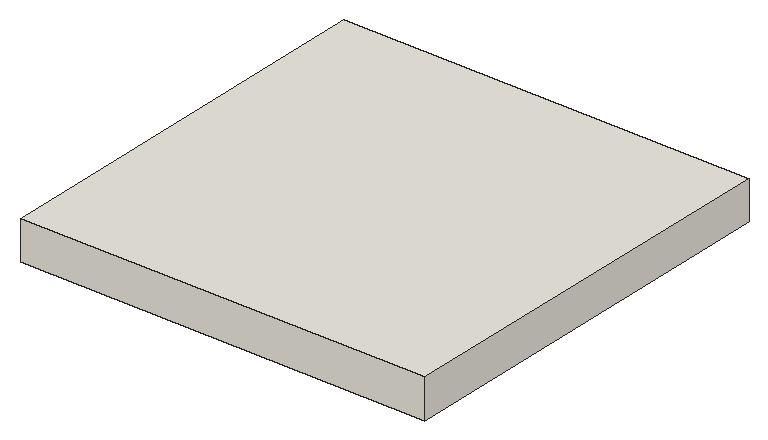
Revit family "UNIVERSAL", category Осветительные приборы, Revit 2019 (continued)
Types (12, lengths in mm): name | Файл фотометрической сетки | built-in parameter 1150105 | Lumens | built-in parameter 1150106 | built-in parameter 1150142 | Wattage | Emit from Rectangle Width | Emit from Rectangle Length | Длина | Ширина | ADSK_Ток | ADSK_Полная мощность | ADSK_Обозначение | ADSK_Номинальная мощность | ADSK_Наименование | ADSK_Код изделия
  CSVT Universal - 38/opal-sand 295х1195х55 (IP20, 4000К) с БАП на 3 часа | "Светильник UNIVERSAL-38 OPAL-SAND-(295x1195).IES" | 262.61 (stored number, unit not read) | 3300 lm | 2.6261 (stored number, unit not read) | "IESNA:LM-63-95\r\n[TEST] Протокол № 50-12 \r\n[DATA] 20.06.2016\r\n[MORE] \r\n[MANUFAC] ЗАО \"Центрстройсвет\"\r\n[LUMCAT]  Светильник ALUMOGIPS-38/OPAL-SAND-(610x610)\r\n[LUMINAIRE]\r\n[LAMPCAT] Светодиоды\r\n[LAMP] Поток источника света (светодиодов) не известен\r\n[MORE] КСС приведена в абсолютных величинах кд\r\n[MORE] Вместо потока лампы, указан поток светильника.\r\nTILT=NONE\r\n1    3750 1.0 37 73 1 2 0.61 0.61 0.04\r\n1.0 1.0 38.7\r\n0.0 5.0 10.0 15.0 20.0 25.0 30.0 35.0 40.0 45.0 50.0 55.0 60.0 65.0 70.0 75.0 80.0 85.0 90.0 95.0 100.0 105.0 110.0 115.0 120.0 125.0 130.0 135.0 140.0 145.0 150.0 155.0 160.0 165.0 170.0 175.0 180.0\r\n0.0 5.0 10.0 15.0 20.0 25.0 30.0 35.0 40.0 45.0 50.0 55.0 60.0 65.0 70.0 75.0 80.0 85.0 90.0 95.0 100.0 105.0 110.0 115.0 120.0 125.0 130.0 135.0 140.0 145.0 150.0 155.0 160.0 165.0 170.0 175.0 180.0 185.0 190.0 195.0 200.0 205.0 210.0 215.0 220.0 225.0 230.0 235.0 240.0 245.0 250.0 255.0 260.0 265.0 270.0 275.0 280.0 285.0 290.0 295.0 300.0 305.0 310.0 315.0 320.0 325.0 330.0 335.0 340.0 345.0 350.0 355.0 360.0\r\n1391.4 1390.6 1365.7 1330.6 1277.5 1214.9 1147.5 1059.6 967.6 873.2 772.4 664.9 556.3 449.1 342.7 240.6 147.1 64.2 4.7 0.0 0.0 0.0 0.0 0.0 0.0 0.0 0.0 0.0 0.0 0.0 0.0 0.0 0.0 0.0 0.0 0.0 0.0\r\n1391.4 1390.5 1367.8 1332.7 1284.3 1221.3 1147.0 1062.1 969.2 872.4 773.2 666.3 557.1 450.1 343.8 241.9 146.9 64.7 5.2 0.0 0.0 0.0 0.0 0.0 0.0 0.0 0.0 0.0 0.0 0.0 0.0 0.0 0.0 0.0 0.0 0.0 0.0\r\n1391.4 1390.2 1372.0 1333.3 1277.3 1216.8 1144.5 1057.4 969.6 875.1 773.8 669.5 560.0 454.6 345.8 242.4 148.5 65.8 5.4 0.0 0.0 0.0 0.0 0.0 0.0 0.0 0.0 0.0 0.0 0.0 0.0 0.0 0.0 0.0 0.0 0.0 0.0\r\n1391.4 1389.8 1371.2 1330.7 1279.5 1220.5 1148.3 1059.9 967.7 873.2 767.5 666.8 561.4 453.0 347.1 243.7 149.9 65.6 5.8 0.0 0.0 0.0 0.0 0.0 0.0 0.0 0.0 0.0 0.0 0.0 0.0 0.0 0.0 0.0 0.0 0.0 0.0\r\n1391.4 1389.8 1368.3 1329.3 1285.0 1214.6 1141.1 1058.7 971.8 871.3 775.2 666.9 559.4 452.6 345.8 242.5 150.0 65.8 6.1 0.0 0.0 0.0 0.0 0.0 0.0 0.0 0.0 0.0 0.0 0.0 0.0 0.0 0.0 0.0 0.0 0.0 0.0\r\n1391.4 1390.5 1367.3 1332.3 1281.7 1219.0 1142.8 1064.6 970.5 874.4 772.1 667.5 560.2 453.0 346.2 241.8 149.4 65.7 5.6 0.0 0.0 0.0 0.0 0.0 0.0 0.0 0.0 0.0 0.0 0.0 0.0 0.0 0.0 0.0 0.0 0.0 0.0\r\n1391.4 1391.4 1368.1 1333.5 1277.3 1215.7 1139.0 1059.6 968.1 872.4 771.6 667.4 558.8 453.3 344.3 243.9 148.4 65.7 5.4 0.0 0.0 0.0 0.0 0.0 0.0 0.0 0.0 0.0 0.0 0.0 0.0 0.0 0.0 0.0 0.0 0.0 0.0\r\n1391.4 1391.7 1368.1 1330.4 1278.2 1213.9 1142.4 1061.6 967.4 875.1 772.0 669.3 561.1 452.5 345.2 242.1 148.3 65.4 5.5 0.0 0.0 0.0 0.0 0.0 0.0 0.0 0.0 0.0 0.0 0.0 0.0 0.0 0.0 0.0 0.0 0.0 0.0\r\n1391.4 1391.5 1371.0 1328.4 1278.5 1216.7 1142.1 1061.2 971.8 874.7 772.1 668.9 560.8 452.9 345.4 243.3 147.7 66.0 5.4 0.0 0.0 0.0 0.0 0.0 0.0 0.0 0.0 0.0 0.0 0.0 0.0 0.0 0.0 0.0 0.0 0.0 0.0\r\n1391.4 1391.5 1373.2 1330.5 1277.3 1215.5 1143.2 1063.6 967.0 872.7 772.2 669.4 558.9 453.2 346.6 241.9 148.1 65.2 5.5 0.0 0.0 0.0 0.0 0.0 0.0 0.0 0.0 0.0 0.0 0.0 0.0 0.0 0.0 0.0 0.0 0.0 0.0\r\n1391.4 1391.4 1369.7 1328.3 1281.3 1216.0 1139.8 1057.9 968.7 875.3 773.9 667.6 561.8 454.0 344.0 243.1 147.2 65.6 5.5 0.0 0.0 0.0 0.0 0.0 0.0 0.0 0.0 0.0 0.0 0.0 0.0 0.0 0.0 0.0 0.0 0.0 0.0\r\n1391.4 1390.5 1367.9 1330.1 1278.1 1218.1 1138.9 1061.0 970.0 871.8 770.4 669.3 560.2 453.4 346.9 242.1 148.3 65.2 5.2 0.0 0.0 0.0 0.0 0.0 0.0 0.0 0.0 0.0 0.0 0.0 0.0 0.0 0.0 0.0 0.0 0.0 0.0\r\n1391.4 1389.3 1368.2 1329.1 1280.8 1214.4 1142.5 1059.2 967.2 874.3 772.4 668.0 563.1 452.3 345.7 242.8 146.8 64.9 5.1 0.0 0.0 0.0 0.0 0.0 0.0 0.0 0.0 0.0 0.0 0.0 0.0 0.0 0.0 0.0 0.0 0.0 0.0\r\n1391.4 1388.6 1367.4 1327.8 1278.0 1215.7 1141.0 1061.0 971.5 877.3 771.2 667.3 561.5 453.0 346.4 242.4 146.3 64.8 5.2 0.0 0.0 0.0 0.0 0.0 0.0 0.0 0.0 0.0 0.0 0.0 0.0 0.0 0.0 0.0 0.0 0.0 0.0\r\n1391.4 1388.0 1367.6 1326.7 1278.3 1218.0 1140.9 1061.5 968.4 873.4 770.1 666.6 562.1 454.6 344.8 241.8 146.4 64.0 5.5 0.0 0.0 0.0 0.0 0.0 0.0 0.0 0.0 0.0 0.0 0.0 0.0 0.0 0.0 0.0 0.0 0.0 0.0\r\n1391.4 1387.2 1366.1 1331.0 1281.4 1216.3 1142.7 1059.1 969.4 871.5 772.2 667.3 560.5 453.0 344.4 242.2 146.4 63.8 5.6 0.0 0.0 0.0 0.0 0.0 0.0 0.0 0.0 0.0 0.0 0.0 0.0 0.0 0.0 0.0 0.0 0.0 0.0\r\n1391.4 1387.1 1366.3 1328.7 1276.9 1214.5 1141.2 1059.3 968.4 874.3 775.5 668.3 562.5 454.9 346.4 241.3 146.2 63.5 5.7 0.0 0.0 0.0 0.0 0.0 0.0 0.0 0.0 0.0 0.0 0.0 0.0 0.0 0.0 0.0 0.0 0.0 0.0\r\n1391.4 1388.4 1366.0 1329.7 1279.2 1217.9 1140.0 1060.5 969.0 873.9 772.0 671.3 560.4 453.2 343.7 241.7 145.8 63.7 5.4 0.0 0.0 0.0 0.0 0.0 0.0 0.0 0.0 0.0 0.0 0.0 0.0 0.0 0.0 0.0 0.0 0.0 0.0\r\n1391.4 1389.6 1367.7 1329.3 1277.2 1211.1 1140.1 1061.0 971.0 871.2 769.2 669.1 561.5 453.1 343.3 241.9 145.8 63.4 5.2 0.0 0.0 0.0 0.0 0.0 0.0 0.0 0.0 0.0 0.0 0.0 0.0 0.0 0.0 0.0 0.0 0.0 0.0\r\n1391.4 1388.8 1366.9 1327.1 1279.4 1214.2 1142.5 1056.4 970.7 870.3 771.0 665.1 560.4 453.3 343.8 241.1 145.7 63.4 5.2 0.0 0.0 0.0 0.0 0.0 0.0 0.0 0.0 0.0 0.0 0.0 0.0 0.0 0.0 0.0 0.0 0.0 0.0\r\n1391.4 1387.2 1365.8 1328.9 1276.6 1210.2 1141.4 1059.3 966.6 871.4 770.5 667.4 559.2 451.4 344.2 241.0 145.6 63.2 5.1 0.0 0.0 0.0 0.0 0.0 0.0 0.0 0.0 0.0 0.0 0.0 0.0 0.0 0.0 0.0 0.0 0.0 0.0\r\n1391.4 1386.8 1364.4 1329.8 1279.4 1213.7 1144.0 1059.0 965.3 873.7 768.8 668.9 559.4 449.5 342.6 241.5 144.6 63.4 5.0 0.0 0.0 0.0 0.0 0.0 0.0 0.0 0.0 0.0 0.0 0.0 0.0 0.0 0.0 0.0 0.0 0.0 0.0\r\n1391.4 1388.1 1365.8 1328.1 1273.8 1213.4 1137.9 1059.2 967.3 869.2 769.3 667.7 558.4 451.4 344.0 240.6 145.7 63.4 4.9 0.0 0.0 0.0 0.0 0.0 0.0 0.0 0.0 0.0 0.0 0.0 0.0 0.0 0.0 0.0 0.0 0.0 0.0\r\n1391.4 1389.2 1364.4 1323.2 1276.3 1213.8 1137.6 1055.3 963.1 871.0 767.7 664.1 559.7 447.1 342.4 240.1 145.2 63.9 5.1 0.0 0.0 0.0 0.0 0.0 0.0 0.0 0.0 0.0 0.0 0.0 0.0 0.0 0.0 0.0 0.0 0.0 0.0\r\n1391.4 1388.4 1362.3 1326.8 1274.4 1212.2 1137.9 1054.7 966.7 867.9 768.7 663.4 557.3 449.2 343.3 240.0 145.7 63.6 5.0 0.0 0.0 0.0 0.0 0.0 0.0 0.0 0.0 0.0 0.0 0.0 0.0 0.0 0.0 0.0 0.0 0.0 0.0\r\n1391.4 1386.2 1361.8 1326.5 1273.3 1211.2 1134.5 1048.6 964.3 866.3 767.8 662.9 556.7 449.5 341.9 239.8 145.7 63.7 5.0 0.0 0.0 0.0 0.0 0.0 0.0 0.0 0.0 0.0 0.0 0.0 0.0 0.0 0.0 0.0 0.0 0.0 0.0\r\n1391.4 1384.4 1363.5 1324.4 1272.0 1209.5 1137.2 1053.0 960.2 867.5 767.9 662.7 556.7 449.2 342.5 239.1 146.2 63.8 4.8 0.0 0.0 0.0 0.0 0.0 0.0 0.0 0.0 0.0 0.0 0.0 0.0 0.0 0.0 0.0 0.0 0.0 0.0\r\n1391.4 1383.7 1362.4 1324.4 1274.0 1209.5 1134.4 1050.1 965.4 864.9 764.6 662.3 556.6 447.9 340.5 240.3 145.5 64.6 4.6 0.0 0.0 0.0 0.0 0.0 0.0 0.0 0.0 0.0 0.0 0.0 0.0 0.0 0.0 0.0 0.0 0.0 0.0\r\n1391.4 1384.4 1361.9 1326.9 1270.2 1207.3 1132.7 1050.1 959.7 867.7 763.1 662.2 555.0 447.3 343.0 238.3 145.8 63.9 4.7 0.0 0.0 0.0 0.0 0.0 0.0 0.0 0.0 0.0 0.0 0.0 0.0 0.0 0.0 0.0 0.0 0.0 0.0\r\n1391.4 1385.1 1363.0 1320.0 1270.4 1207.9 1134.4 1055.0 963.5 867.3 766.7 660.7 555.9 450.1 342.6 240.2 145.9 64.3 4.9 0.0 0.0 0.0 0.0 0.0 0.0 0.0 0.0 0.0 0.0 0.0 0.0 0.0 0.0 0.0 0.0 0.0 0.0\r\n1391.4 1384.9 1362.3 1321.4 1273.1 1208.0 1135.4 1052.3 961.9 865.0 764.0 660.8 553.5 447.6 341.2 240.3 146.1 63.8 4.8 0.0 0.0 0.0 0.0 0.0 0.0 0.0 0.0 0.0 0.0 0.0 0.0 0.0 0.0 0.0 0.0 0.0 0.0\r\n1391.4 1383.8 1361.2 1322.1 1265.1 1211.5 1132.8 1049.3 961.3 863.4 764.0 661.0 550.7 447.9 341.0 240.1 146.2 63.8 4.6 0.0 0.0 0.0 0.0 0.0 0.0 0.0 0.0 0.0 0.0 0.0 0.0 0.0 0.0 0.0 0.0 0.0 0.0\r\n1391.4 1382.8 1359.3 1321.5 1269.3 1206.8 1132.8 1051.1 958.3 863.2 763.1 662.7 553.4 448.0 340.4 240.0 145.8 63.8 4.0 0.0 0.0 0.0 0.0 0.0 0.0 0.0 0.0 0.0 0.0 0.0 0.0 0.0 0.0 0.0 0.0 0.0 0.0\r\n1391.4 1382.6 1359.0 1319.6 1268.1 1204.3 1129.8 1049.0 957.7 861.8 761.7 658.4 554.2 446.1 340.4 239.0 145.6 63.8 3.8 0.0 0.0 0.0 0.0 0.0 0.0 0.0 0.0 0.0 0.0 0.0 0.0 0.0 0.0 0.0 0.0 0.0 0.0\r\n1391.4 1382.8 1358.5 1315.8 1266.5 1202.1 1128.5 1049.2 957.6 860.0 762.1 658.2 549.9 443.8 339.6 238.4 145.7 63.6 3.7 0.0 0.0 0.0 0.0 0.0 0.0 0.0 0.0 0.0 0.0 0.0 0.0 0.0 0.0 0.0 0.0 0.0 0.0\r\n1391.4 1382.2 1360.5 1319.2 1265.9 1204.5 1129.9 1046.9 955.0 862.9 758.9 657.9 552.5 444.9 338.9 238.8 145.3 63.6 3.3 0.0 0.0 0.0 0.0 0.0 0.0 0.0 0.0 0.0 0.0 0.0 0.0 0.0 0.0 0.0 0.0 0.0 0.0\r\n1391.4 1381.1 1361.2 1321.0 1268.1 1203.8 1128.8 1047.4 955.6 863.7 761.1 656.4 551.5 445.2 339.2 238.5 144.7 62.5 3.5 0.0 0.0 0.0 0.0 0.0 0.0 0.0 0.0 0.0 0.0 0.0 0.0 0.0 0.0 0.0 0.0 0.0 0.0\r\n1391.4 1380.6 1359.0 1316.4 1268.5 1204.0 1126.1 1049.5 956.2 859.6 759.7 656.5 549.2 444.3 338.4 236.1 143.8 61.6 3.2 0.0 0.0 0.0 0.0 0.0 0.0 0.0 0.0 0.0 0.0 0.0 0.0 0.0 0.0 0.0 0.0 0.0 0.0\r\n1391.4 1380.7 1356.6 1316.0 1267.0 1205.6 1130.3 1044.8 956.9 856.7 759.3 653.5 548.1 441.9 335.3 235.4 141.4 60.3 2.9 0.0 0.0 0.0 0.0 0.0 0.0 0.0 0.0 0.0 0.0 0.0 0.0 0.0 0.0 0.0 0.0 0.0 0.0\r\n1391.4 1380.4 1354.4 1317.9 1268.8 1199.0 1129.0 1044.0 956.9 860.6 758.3 656.9 549.1 442.0 334.4 236.1 141.7 60.5 2.6 0.0 0.0 0.0 0.0 0.0 0.0 0.0 0.0 0.0 0.0 0.0 0.0 0.0 0.0 0.0 0.0 0.0 0.0\r\n1391.4 1380.1 1356.7 1322.1 1264.6 1201.7 1129.9 1047.4 957.2 859.7 758.2 656.1 549.4 442.8 335.3 235.8 141.3 60.6 2.3 0.0 0.0 0.0 0.0 0.0 0.0 0.0 0.0 0.0 0.0 0.0 0.0 0.0 0.0 0.0 0.0 0.0 0.0\r\n1391.4 1379.9 1357.3 1317.5 1265.9 1207.8 1129.2 1046.5 955.7 860.2 758.6 656.9 550.7 441.9 335.4 233.9 140.6 60.2 2.4 0.0 0.0 0.0 0.0 0.0 0.0 0.0 0.0 0.0 0.0 0.0 0.0 0.0 0.0 0.0 0.0 0.0 0.0\r\n1391.4 1379.2 1355.5 1314.6 1269.3 1203.7 1133.5 1044.8 957.2 857.9 762.0 656.6 548.7 440.4 335.9 234.5 140.4 59.8 2.8 0.0 0.0 0.0 0.0 0.0 0.0 0.0 0.0 0.0 0.0 0.0 0.0 0.0 0.0 0.0 0.0 0.0 0.0\r\n1391.4 1377.9 1357.1 1319.2 1271.9 1204.4 1128.6 1050.2 953.1 856.9 757.6 653.7 548.9 439.9 335.4 232.4 140.5 59.2 3.0 0.0 0.0 0.0 0.0 0.0 0.0 0.0 0.0 0.0 0.0 0.0 0.0 0.0 0.0 0.0 0.0 0.0 0.0\r\n1391.4 1377.2 1356.3 1322.9 1266.0 1204.8 1132.2 1049.0 958.1 859.3 759.0 654.6 547.0 441.6 334.9 232.1 139.3 58.8 2.9 0.0 0.0 0.0 0.0 0.0 0.0 0.0 0.0 0.0 0.0 0.0 0.0 0.0 0.0 0.0 0.0 0.0 0.0\r\n1391.4 1377.8 1353.8 1319.7 1269.6 1207.9 1135.8 1049.5 955.8 858.0 762.4 655.9 548.2 441.6 335.6 231.7 139.4 58.8 2.8 0.0 0.0 0.0 0.0 0.0 0.0 0.0 0.0 0.0 0.0 0.0 0.0 0.0 0.0 0.0 0.0 0.0 0.0\r\n1391.4 1378.5 1355.2 1319.8 1267.3 1206.5 1131.2 1046.1 954.6 861.2 756.6 653.8 548.1 440.3 335.0 232.6 138.6 59.0 2.9 0.0 0.0 0.0 0.0 0.0 0.0 0.0 0.0 0.0 0.0 0.0 0.0 0.0 0.0 0.0 0.0 0.0 0.0\r\n1391.4 1378.6 1355.1 1318.3 1269.7 1200.8 1133.1 1049.0 957.6 862.5 762.4 656.9 549.3 443.5 334.7 231.2 138.8 58.1 3.0 0.0 0.0 0.0 0.0 0.0 0.0 0.0 0.0 0.0 0.0 0.0 0.0 0.0 0.0 0.0 0.0 0.0 0.0\r\n1391.4 1378.8 1355.8 1321.7 1268.8 1210.0 1129.0 1048.5 958.8 862.4 762.2 656.4 549.0 441.1 335.4 231.5 138.5 58.1 3.0 0.0 0.0 0.0 0.0 0.0 0.0 0.0 0.0 0.0 0.0 0.0 0.0 0.0 0.0 0.0 0.0 0.0 0.0\r\n1391.4 1379.6 1357.6 1321.7 1269.0 1207.1 1133.9 1047.0 964.1 863.3 761.9 656.4 551.5 440.7 334.9 232.2 137.6 58.1 2.8 0.0 0.0 0.0 0.0 0.0 0.0 0.0 0.0 0.0 0.0 0.0 0.0 0.0 0.0 0.0 0.0 0.0 0.0\r\n1391.4 1380.6 1357.7 1319.2 1272.0 1207.5 1131.3 1054.6 959.0 863.3 764.8 655.9 549.1 443.0 335.1 231.3 138.0 58.1 2.7 0.0 0.0 0.0 0.0 0.0 0.0 0.0 0.0 0.0 0.0 0.0 0.0 0.0 0.0 0.0 0.0 0.0 0.0\r\n1391.4 1381.5 1358.5 1321.9 1271.0 1204.1 1135.9 1055.8 962.5 865.5 761.1 656.9 550.6 442.0 335.3 231.9 137.4 57.9 2.6 0.0 0.0 0.0 0.0 0.0 0.0 0.0 0.0 0.0 0.0 0.0 0.0 0.0 0.0 0.0 0.0 0.0 0.0\r\n1391.4 1381.3 1358.5 1322.3 1270.8 1207.2 1133.7 1051.9 958.0 867.3 767.5 657.0 552.1 442.3 333.6 231.2 137.9 57.8 2.6 0.0 0.0 0.0 0.0 0.0 0.0 0.0 0.0 0.0 0.0 0.0 0.0 0.0 0.0 0.0 0.0 0.0 0.0\r\n1391.4 1380.6 1359.4 1319.7 1270.6 1209.0 1133.0 1052.1 963.9 867.5 764.1 660.0 554.0 443.3 334.8 231.7 137.6 57.8 2.7 0.0 0.0 0.0 0.0 0.0 0.0 0.0 0.0 0.0 0.0 0.0 0.0 0.0 0.0 0.0 0.0 0.0 0.0\r\n1391.4 1381.3 1359.9 1321.3 1270.6 1204.8 1135.0 1051.3 962.1 865.5 761.7 660.3 553.1 443.5 334.1 231.9 137.9 57.8 2.8 0.0 0.0 0.0 0.0 0.0 0.0 0.0 0.0 0.0 0.0 0.0 0.0 0.0 0.0 0.0 0.0 0.0 0.0\r\n1391.4 1383.1 1362.1 1324.8 1273.8 1208.7 1134.8 1055.9 961.8 866.4 762.3 659.7 552.4 443.7 334.4 232.8 138.0 58.0 2.8 0.0 0.0 0.0 0.0 0.0 0.0 0.0 0.0 0.0 0.0 0.0 0.0 0.0 0.0 0.0 0.0 0.0 0.0\r\n1391.4 1384.6 1360.4 1321.7 1272.0 1210.6 1130.9 1052.5 963.1 866.7 767.4 659.3 553.7 444.6 335.4 233.1 138.3 58.0 2.8 0.0 0.0 0.0 0.0 0.0 0.0 0.0 0.0 0.0 0.0 0.0 0.0 0.0 0.0 0.0 0.0 0.0 0.0\r\n1391.4 1385.6 1357.5 1324.7 1273.9 1211.6 1134.3 1052.7 963.6 865.4 763.1 658.7 552.2 444.9 336.9 232.8 138.8 58.6 2.9 0.0 0.0 0.0 0.0 0.0 0.0 0.0 0.0 0.0 0.0 0.0 0.0 0.0 0.0 0.0 0.0 0.0 0.0\r\n1391.4 1386.4 1357.8 1323.4 1273.2 1212.2 1136.3 1054.7 967.5 867.5 764.0 659.4 553.3 443.7 336.8 233.2 138.9 58.5 3.1 0.0 0.0 0.0 0.0 0.0 0.0 0.0 0.0 0.0 0.0 0.0 0.0 0.0 0.0 0.0 0.0 0.0 0.0\r\n1391.4 1386.6 1362.0 1324.9 1273.2 1211.3 1139.0 1049.9 960.3 866.4 768.0 661.3 552.2 443.4 336.3 233.4 139.8 58.9 3.1 0.0 0.0 0.0 0.0 0.0 0.0 0.0 0.0 0.0 0.0 0.0 0.0 0.0 0.0 0.0 0.0 0.0 0.0\r\n1391.4 1386.0 1360.5 1326.0 1271.8 1212.0 1137.2 1059.3 963.5 867.6 766.9 661.2 552.3 445.8 337.8 233.6 141.0 59.2 3.3 0.0 0.0 0.0 0.0 0.0 0.0 0.0 0.0 0.0 0.0 0.0 0.0 0.0 0.0 0.0 0.0 0.0 0.0\r\n1391.4 1385.0 1362.3 1325.1 1272.0 1207.1 1138.5 1053.6 964.5 865.8 766.5 661.6 554.3 445.9 337.0 234.5 140.4 60.2 3.5 0.0 0.0 0.0 0.0 0.0 0.0 0.0 0.0 0.0 0.0 0.0 0.0 0.0 0.0 0.0 0.0 0.0 0.0\r\n1391.4 1384.4 1361.8 1323.6 1274.0 1214.8 1138.9 1053.9 968.0 867.9 769.0 663.8 555.6 446.7 339.6 235.0 141.3 60.4 3.4 0.0 0.0 0.0 0.0 0.0 0.0 0.0 0.0 0.0 0.0 0.0 0.0 0.0 0.0 0.0 0.0 0.0 0.0\r\n1391.4 1385.0 1360.9 1322.2 1272.4 1209.8 1137.2 1055.7 962.7 869.7 769.6 658.2 556.6 447.4 338.5 236.2 142.5 60.7 3.4 0.0 0.0 0.0 0.0 0.0 0.0 0.0 0.0 0.0 0.0 0.0 0.0 0.0 0.0 0.0 0.0 0.0 0.0\r\n1391.4 1386.6 1363.1 1323.6 1272.5 1211.5 1139.2 1058.4 969.9 868.0 768.8 664.6 556.3 445.8 342.1 236.1 142.3 61.2 3.5 0.0 0.0 0.0 0.0 0.0 0.0 0.0 0.0 0.0 0.0 0.0 0.0 0.0 0.0 0.0 0.0 0.0 0.0\r\n1391.4 1388.6 1360.9 1330.2 1273.7 1213.2 1138.7 1058.3 966.2 867.0 766.8 663.4 553.3 447.1 339.2 238.7 143.0 61.4 3.8 0.0 0.0 0.0 0.0 0.0 0.0 0.0 0.0 0.0 0.0 0.0 0.0 0.0 0.0 0.0 0.0 0.0 0.0\r\n1391.4 1389.8 1360.8 1328.4 1276.8 1216.0 1140.1 1055.8 963.1 870.3 768.4 663.1 554.0 449.1 340.1 237.3 144.8 61.7 3.8 0.0 0.0 0.0 0.0 0.0 0.0 0.0 0.0 0.0 0.0 0.0 0.0 0.0 0.0 0.0 0.0 0.0 0.0\r\n1391.4 1389.3 1362.5 1325.9 1278.0 1210.4 1138.2 1054.7 967.8 872.7 770.2 661.9 556.5 446.9 341.3 237.7 144.4 62.5 3.9 0.0 0.0 0.0 0.0 0.0 0.0 0.0 0.0 0.0 0.0 0.0 0.0 0.0 0.0 0.0 0.0 0.0 0.0\r\n1391.4 1387.8 1365.8 1326.6 1274.3 1213.2 1141.4 1053.1 966.2 871.2 768.4 663.7 555.0 447.1 341.3 238.2 144.3 62.7 4.1 0.0 0.0 0.0 0.0 0.0 0.0 0.0 0.0 0.0 0.0 0.0 0.0 0.0 0.0 0.0 0.0 0.0 0.0\r\n1391.4 1387.2 1364.2 1328.3 1274.8 1209.4 1145.0 1060.0 963.9 867.5 766.5 663.4 556.7 448.2 340.9 240.3 144.7 63.3 4.0 0.0 0.0 0.0 0.0 0.0 0.0 0.0 0.0 0.0 0.0 0.0 0.0 0.0 0.0 0.0 0.0 0.0 0.0\r\n1391.4 1388.4 1364.9 1332.6 1279.0 1215.6 1140.9 1056.3 969.3 867.1 770.0 663.8 559.0 449.0 342.4 240.3 145.7 63.3 4.7 0.0 0.0 0.0 0.0 0.0 0.0 0.0 0.0 0.0 0.0 0.0 0.0 0.0 0.0 0.0 0.0 0.0 0.0\r\n1391.4 1390.0 1364.5 1329.3 1281.4 1217.7 1141.3 1063.3 970.3 871.1 768.8 663.5 555.2 449.3 342.4 239.8 146.6 63.3 4.9 0.0 0.0 0.0 0.0 0.0 0.0 0.0 0.0 0.0 0.0 0.0 0.0 0.0 0.0 0.0 0.0 0.0 0.0\r\n1391.4 1390.6 1365.7 1330.6 1277.5 1214.9 1147.5 1059.6 967.6 873.2 772.4 664.9 556.3 449.1 342.7 240.6 147.1 64.2 4.7 0.0 0.0 0.0 0.0 0.0 0.0 0.0 0.0 0.0 0.0 0.0 0.0 0.0 0.0 0.0 0.0 0.0 0.0\r\n" | 22.2159 W | 255 | 1155 | 1195 | 295 | 0.179584 A | 41.3043 VA | "CSVT Universal - 38/opal-sand 295х1195х55 (IP20, 4000К)" | 38 W | "Универсальный светодиодный светильник CSVT Universal - 38/opal-sand 295х1195х55 (IP20, 4000К) с БАП на 3 часа" | "ЦБ000
    007928"
